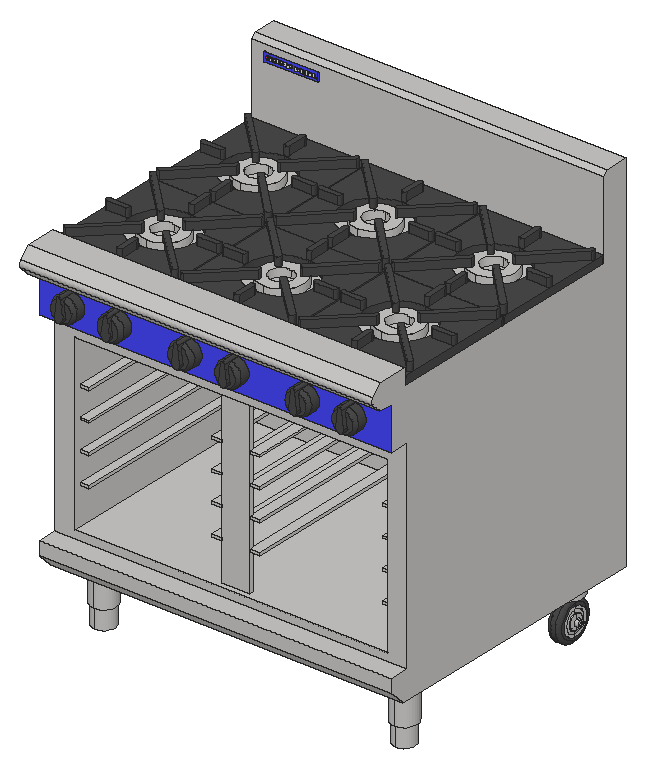
Revit family "QF_MOFFAT_BLUESEAL_CE_G516D-CB", category Specialty Equipment, Revit 2012 (continued)
Definition of nested family "GAS BURNER 900"
  Lines and regions (mm)
    symbolic lines
      curve 158: spline (593.898, -335.153, 0) -> (594.819, -333.924, 0) -> (595.369, -332.47, 0) -> (595.51, -330.89, 0) -> (595.233, -329.292, 0) -> (594.557, -327.786, 0) -> (593.527, -326.473, 0) -> (592.214, -325.443, 0) -> (590.708, -324.767, 0) -> (589.11, -324.49, 0) -> (587.53, -324.631, 0) -> (586.076, -325.181, 0) -> (584.847, -326.102, 0)
      curve 159: line (591.102, -463.6, 0) -> (541.898, -463.6, 0)
      curve 160: spline (541.898, -463.6, 0) -> (540.604, -463.818, 0) -> (539.398, -464.457, 0) -> (538.362, -465.475, 0) -> (537.568, -466.8, 0) -> (537.068, -468.344, 0) -> (536.898, -470, 0) -> (537.068, -471.656, 0) -> (537.568, -473.2, 0) -> (538.362, -474.525, 0) -> (539.398, -475.543, 0) -> (540.604, -476.182, 0) -> (541.898, -476.4, 0)
      curve 161: line (541.898, -476.4, 0) -> (591.102, -476.4, 0)
      curve 162: spline (591.102, -476.4, 0) -> (592.396, -476.182, 0) -> (593.602, -475.543, 0) -> (594.638, -474.525, 0) -> (595.432, -473.2, 0) -> (595.932, -471.656, 0) -> (596.102, -470, 0) -> (595.932, -468.344, 0) -> (595.432, -466.8, 0) -> (594.638, -465.475, 0) -> (593.602, -464.457, 0) -> (592.396, -463.818, 0) -> (591.102, -463.6, 0)
      curve 163: line (593.898, -603.347, 0) -> (485.975, -496.924, 0)
      curve 164: spline (485.975, -496.924, 0) -> (484.905, -496.163, 0) -> (483.601, -495.762, 0) -> (482.149, -495.749, 0) -> (480.65, -496.125, 0) -> (479.205, -496.863, 0) -> (477.914, -497.914, 0) -> (476.863, -499.205, 0) -> (476.125, -500.65, 0) -> (475.749, -502.149, 0) -> (475.762, -503.601, 0) -> (476.163, -504.905, 0) -> (476.924, -505.975, 0)
      curve 165: line (476.924, -505.975, 0) -> (584.847, -612.398, 0)
      curve 166: spline (584.847, -612.398, 0) -> (585.916, -613.159, 0) -> (587.221, -613.559, 0) -> (588.672, -613.572, 0) -> (590.171, -613.197, 0) -> (591.616, -612.459, 0) -> (592.908, -611.408, 0) -> (593.959, -610.116, 0) -> (594.697, -608.671, 0) -> (595.072, -607.172, 0) -> (595.059, -605.721, 0) -> (594.659, -604.416, 0) -> (593.898, -603.347, 0)
      curve 167: line (315.153, -612.398, 0) -> (423.076, -505.975, 0)
      curve 168: spline (423.076, -505.975, 0) -> (423.837, -504.905, 0) -> (424.238, -503.601, 0) -> (424.251, -502.149, 0) -> (423.875, -500.65, 0) -> (423.137, -499.205, 0) -> (422.086, -497.914, 0) -> (420.795, -496.863, 0) -> (419.35, -496.125, 0) -> (417.851, -495.749, 0) -> (416.399, -495.762, 0) -> (415.095, -496.163, 0) -> (414.025, -496.924, 0)
      curve 169: line (414.025, -496.924, 0) -> (306.102, -603.347, 0)
      curve 170: spline (306.102, -603.347, 0) -> (305.341, -604.416, 0) -> (304.941, -605.721, 0) -> (304.928, -607.172, 0) -> (305.303, -608.671, 0) -> (306.041, -610.116, 0) -> (307.092, -611.408, 0) -> (308.384, -612.459, 0) -> (309.829, -613.197, 0) -> (311.328, -613.572, 0) -> (312.779, -613.559, 0) -> (314.084, -613.159, 0) -> (315.153, -612.398, 0)
      curve 171: line (308.898, -476.4, 0) -> (358.102, -476.4, 0)
      curve 172: spline (358.102, -476.4, 0) -> (359.396, -476.182, 0) -> (360.602, -475.543, 0) -> (361.638, -474.525, 0) -> (362.432, -473.2, 0) -> (362.932, -471.656, 0) -> (363.102, -470, 0) -> (362.932, -468.344, 0) -> (362.432, -466.8, 0) -> (361.638, -465.475, 0) -> (360.602, -464.457, 0) -> (359.396, -463.818, 0) -> (358.102, -463.6, 0)
      curve 173: line (358.102, -463.6, 0) -> (308.898, -463.6, 0)
      curve 174: spline (308.898, -463.6, 0) -> (307.604, -463.818, 0) -> (306.398, -464.457, 0) -> (305.362, -465.475, 0) -> (304.568, -466.8, 0) -> (304.068, -468.344, 0) -> (303.898, -470, 0) -> (304.068, -471.656, 0) -> (304.568, -473.2, 0) -> (305.362, -474.525, 0) -> (306.398, -475.543, 0) -> (307.604, -476.182, 0) -> (308.898, -476.4, 0)
      curve 175: line (456.4, -609.602, 0) -> (456.4, -561.898, 0)
      curve 176: spline (456.4, -561.898, 0) -> (456.182, -560.604, 0) -> (455.543, -559.398, 0) -> (454.525, -558.362, 0) -> (453.2, -557.568, 0) -> (451.656, -557.068, 0) -> (450, -556.898, 0) -> (448.344, -557.068, 0) -> (446.8, -557.568, 0) -> (445.475, -558.362, 0) -> (444.457, -559.398, 0) -> (443.818, -560.604, 0) -> (443.6, -561.898, 0)
      curve 177: line (443.6, -561.898, 0) -> (443.6, -609.602, 0)
      curve 178: spline (443.6, -609.602, 0) -> (443.818, -610.896, 0) -> (444.457, -612.102, 0) -> (445.475, -613.138, 0) -> (446.8, -613.932, 0) -> (448.344, -614.432, 0) -> (450, -614.602, 0) -> (451.656, -614.432, 0) -> (453.2, -613.932, 0) -> (454.525, -613.138, 0) -> (455.543, -612.102, 0) -> (456.182, -610.896, 0) -> (456.4, -609.602, 0)
      curve 179: arc (450.009, -384.418, 0) -> (479.699, -389.834, 0) -> (505.564, -405.385, 0) r 84.082
      curve 180: arc (450.009, -552.582, 0) -> (417.885, -546.204, 0) -> (390.635, -528.036, 0) r 84.082
      curve 181: arc (450, -523.5, 0) -> (467.666, -520.693, 0) -> (483.592, -512.55, 0) r 57
      curve 182: arc (450, -409.5, 0) -> (430.014, -413.119, 0) -> (412.566, -423.515, 0) r 57
      curve 183: arc (450, -436.5, 0) -> (480, -466.5, 0) -> (450, -496.5, 0) r 30
      curve 184: arc (450, -496.5, 0) -> (420, -466.5, 0) -> (450, -436.5, 0) r 30
      curve 185: arc (96.324, -103.773, 0) -> (121.466, -89.404, 0) -> (149.991, -84.418, 0) r 84.082
      curve 186: arc (212.871, -112.68, 0) -> (234.066, -167.408, 0) -> (214.3, -222.668, 0) r 84.082
      curve 187: arc (194.454, -202.178, 0) -> (207, -166.598, 0) -> (194.576, -130.975, 0) r 57
      curve 188: arc (114.628, -211.197, 0) -> (131.275, -220.336, 0) -> (150, -223.5, 0) r 57
      curve 189: arc (405.424, -130.975, 0) -> (393, -166.598, 0) -> (405.546, -202.178, 0) r 57
      curve 190: arc (485.525, -121.924, 0) -> (468.817, -112.696, 0) -> (450, -109.5, 0) r 57
      curve 191: arc (494.454, -202.178, 0) -> (507, -166.598, 0) -> (494.576, -130.975, 0) r 57
      curve 192: arc (414.628, -211.197, 0) -> (431.275, -220.336, 0) -> (450, -223.5, 0) r 57
      curve 193: arc (105.424, -130.975, 0) -> (93, -166.598, 0) -> (105.546, -202.178, 0) r 57
      curve 194: arc (514.501, -414.55, 0) -> (534.086, -469.429, 0) -> (513.293, -523.862, 0) r 84.082
      curve 195: arc (504.155, -532.827, 0) -> (478.827, -547.489, 0) -> (450.009, -552.582, 0) r 84.082
      curve 196: arc (493.031, -503.881, 0) -> (506.947, -468.956, 0) -> (496.089, -432.962, 0) r 57
      curve 197: arc (416.408, -512.55, 0) -> (432.334, -520.693, 0) -> (450, -523.5, 0) r 57
      curve 198: arc (403.911, -432.962, 0) -> (393.053, -468.956, 0) -> (406.969, -503.881, 0) r 57
      curve 199: arc (487.434, -423.515, 0) -> (469.986, -413.119, 0) -> (450, -409.5, 0) r 57
      curve 200: arc (187.434, -423.515, 0) -> (169.986, -413.119, 0) -> (150, -409.5, 0) r 57
      curve 201: arc (103.911, -432.962, 0) -> (93.053, -468.956, 0) -> (106.969, -503.881, 0) r 57
      curve 202: arc (109.732, -506.842, 0) -> (110.614, -507.704, 0) -> (111.516, -508.547, 0) r 57
      curve 203: arc (193.031, -503.881, 0) -> (206.947, -468.956, 0) -> (196.089, -432.962, 0) r 57
      curve 204: arc (214.491, -414.56, 0) -> (234.068, -469.429, 0) -> (213.283, -523.853, 0) r 84.082
      curve 205: arc (94.436, -405.385, 0) -> (120.301, -389.834, 0) -> (149.991, -384.418, 0) r 84.082
      curve 206: arc (86.707, -523.862, 0) -> (65.914, -469.429, 0) -> (85.499, -414.55, 0) r 84.082
      curve 207: arc (116.408, -512.55, 0) -> (132.334, -520.693, 0) -> (150, -523.5, 0) r 57
      curve 208: arc (204.147, -532.819, 0) -> (178.816, -547.487, 0) -> (149.991, -552.582, 0) r 84.082
      curve 209: arc (394.444, -405.393, 0) -> (420.313, -389.836, 0) -> (450.009, -384.418, 0) r 84.082
      curve 210: arc (390.635, -528.036, 0) -> (366.012, -472.294, 0) -> (385.509, -414.56, 0) r 84.082
      curve 211: arc (185.525, -121.924, 0) -> (168.817, -112.696, 0) -> (150, -109.5, 0) r 57
      curve 212: arc (396.332, -103.781, 0) -> (421.477, -89.406, 0) -> (450.009, -84.418, 0) r 84.082
      curve 213: arc (512.881, -112.67, 0) -> (534.084, -167.408, 0) -> (514.31, -222.678, 0) r 84.082
      curve 214: arc (505.339, -231.812, 0) -> (479.559, -247.219, 0) -> (450.009, -252.582, 0) r 84.082
      curve 215: arc (385.7, -222.668, 0) -> (365.934, -167.408, 0) -> (387.129, -112.68, 0) r 84.082
      curve 216: arc (205.331, -231.803, 0) -> (179.547, -247.216, 0) -> (149.991, -252.582, 0) r 84.082
      curve 217: arc (85.69, -222.678, 0) -> (65.916, -167.408, 0) -> (87.119, -112.67, 0) r 84.082
      curve 218: spline (724.076, -130.525, 0) -> (724.837, -131.595, 0) -> (725.238, -132.899, 0) -> (725.251, -134.351, 0) -> (724.875, -135.85, 0) -> (724.137, -137.295, 0) -> (723.086, -138.586, 0) -> (721.795, -139.637, 0) -> (720.35, -140.375, 0) -> (718.851, -140.751, 0) -> (717.399, -140.738, 0) -> (716.095, -140.337, 0) -> (715.025, -139.576, 0)
      curve 219: spline (659.102, -160.1, 0) -> (660.396, -160.318, 0) -> (661.602, -160.957, 0) -> (662.638, -161.975, 0) -> (663.432, -163.3, 0) -> (663.932, -164.844, 0) -> (664.102, -166.5, 0) -> (663.932, -168.156, 0) -> (663.432, -169.7, 0) -> (662.638, -171.025, 0) -> (661.602, -172.043, 0) -> (660.396, -172.682, 0) -> (659.102, -172.9, 0)
      curve 220: arc (751, -223.5, 0) -> (732.275, -220.336, 0) -> (715.628, -211.197, 0) r 57
      curve 221: arc (751, -109.5, 0) -> (769.817, -112.696, 0) -> (786.525, -121.924, 0) r 57
      curve 222: arc (751.009, -84.418, 0) -> (722.477, -89.406, 0) -> (697.332, -103.781, 0) r 84.082
      curve 223: arc (751.009, -252.582, 0) -> (780.559, -247.219, 0) -> (806.339, -231.812, 0) r 84.082
      curve 224: line (744.6, -74.602, 0) -> (744.6, -25.398, 0)
      curve 225: spline (744.6, -25.398, 0) -> (744.818, -24.104, 0) -> (745.457, -22.898, 0) -> (746.475, -21.862, 0) -> (747.8, -21.068, 0) -> (749.344, -20.568, 0) -> (751, -20.398, 0) -> (752.656, -20.568, 0) -> (754.2, -21.068, 0) -> (755.525, -21.862, 0) -> (756.543, -22.898, 0) -> (757.182, -24.104, 0) -> (757.4, -25.398, 0)
      curve 226: line (757.4, -25.398, 0) -> (757.4, -74.602, 0)
      curve 227: spline (757.4, -74.602, 0) -> (757.182, -75.896, 0) -> (756.543, -77.102, 0) -> (755.525, -78.138, 0) -> (754.2, -78.932, 0) -> (752.656, -79.432, 0) -> (751, -79.602, 0) -> (749.344, -79.432, 0) -> (747.8, -78.932, 0) -> (746.475, -78.138, 0) -> (745.457, -77.102, 0) -> (744.818, -75.896, 0) -> (744.6, -74.602, 0)
      curve 228: arc (897, 0, 0) -> (899.121, -0.879, 0) -> (900, -3, 0) r 3
      curve 229: line (900, -3, 0) -> (900, -315.5, 0)
      curve 230: arc (900, -315.5, 0) -> (899.121, -317.621, 0) -> (897, -318.5, 0) r 3
      curve 231: arc (897, -321.5, 0) -> (899.121, -322.379, 0) -> (900, -324.5, 0) r 3
      curve 232: line (900, -324.5, 0) -> (900, -632, 0)
      curve 233: arc (900, -632, 0) -> (899.121, -634.121, 0) -> (897, -635, 0) r 3
      curve 234: spline (715.025, -193.424, 0) -> (716.095, -192.663, 0) -> (717.399, -192.262, 0) -> (718.851, -192.249, 0) -> (720.35, -192.625, 0) -> (721.795, -193.363, 0) -> (723.086, -194.414, 0) -> (724.137, -195.705, 0) -> (724.875, -197.15, 0) -> (725.251, -198.649, 0) -> (725.238, -200.101, 0) -> (724.837, -201.405, 0) -> (724.076, -202.475, 0)
      curve 235: line (885.847, -313.898, 0) -> (777.924, -202.475, 0)
      curve 236: spline (777.924, -202.475, 0) -> (777.163, -201.405, 0) -> (776.762, -200.101, 0) -> (776.749, -198.649, 0) -> (777.125, -197.15, 0) -> (777.863, -195.705, 0) -> (778.914, -194.414, 0) -> (780.205, -193.363, 0) -> (781.65, -192.625, 0) -> (783.149, -192.249, 0) -> (784.601, -192.262, 0) -> (785.905, -192.663, 0) -> (786.975, -193.424, 0)
      curve 237: line (786.975, -193.424, 0) -> (894.898, -304.847, 0)
      curve 238: spline (894.898, -304.847, 0) -> (895.659, -305.916, 0) -> (896.059, -307.221, 0) -> (896.072, -308.672, 0) -> (895.697, -310.171, 0) -> (894.959, -311.616, 0) -> (893.908, -312.908, 0) -> (892.616, -313.959, 0) -> (891.171, -314.697, 0) -> (889.672, -315.072, 0) -> (888.221, -315.059, 0) -> (886.916, -314.659, 0) -> (885.847, -313.898, 0)
      curve 239: line (892.102, -172.9, 0) -> (842.898, -172.9, 0)
      curve 240: spline (842.898, -172.9, 0) -> (841.604, -172.682, 0) -> (840.398, -172.043, 0) -> (839.362, -171.025, 0) -> (838.568, -169.7, 0) -> (838.068, -168.156, 0) -> (837.898, -166.5, 0) -> (838.068, -164.844, 0) -> (838.568, -163.3, 0) -> (839.362, -161.975, 0) -> (840.398, -160.957, 0) -> (841.604, -160.318, 0) -> (842.898, -160.1, 0)
      curve 241: line (842.898, -160.1, 0) -> (892.102, -160.1, 0)
      curve 242: spline (892.102, -160.1, 0) -> (893.396, -160.318, 0) -> (894.602, -160.957, 0) -> (895.638, -161.975, 0) -> (896.432, -163.3, 0) -> (896.932, -164.844, 0) -> (897.102, -166.5, 0) -> (896.932, -168.156, 0) -> (896.432, -169.7, 0) -> (895.638, -171.025, 0) -> (894.602, -172.043, 0) -> (893.396, -172.682, 0) -> (892.102, -172.9, 0)
      curve 243: line (894.898, -31.653, 0) -> (786.975, -139.576, 0)
      curve 244: spline (786.975, -139.576, 0) -> (785.905, -140.337, 0) -> (784.601, -140.738, 0) -> (783.149, -140.751, 0) -> (781.65, -140.375, 0) -> (780.205, -139.637, 0) -> (778.914, -138.586, 0) -> (777.863, -137.295, 0) -> (777.125, -135.85, 0) -> (776.749, -134.351, 0) -> (776.762, -132.899, 0) -> (777.163, -131.595, 0) -> (777.924, -130.525, 0)
      curve 245: line (777.924, -130.525, 0) -> (885.847, -22.602, 0)
      curve 246: spline (885.847, -22.602, 0) -> (887.076, -21.681, 0) -> (888.53, -21.131, 0) -> (890.11, -20.99, 0) -> (891.708, -21.267, 0) -> (893.214, -21.943, 0) -> (894.527, -22.973, 0) -> (895.557, -24.286, 0) -> (896.233, -25.792, 0) -> (896.51, -27.39, 0) -> (896.369, -28.97, 0) -> (895.819, -30.424, 0) -> (894.898, -31.653, 0)
      curve 247: arc (751, -136.5, 0) -> (721, -166.5, 0) -> (751, -196.5, 0) r 30
      curve 248: arc (751, -196.5, 0) -> (781, -166.5, 0) -> (751, -136.5, 0) r 30
      curve 249: line (744.6, -311.102, 0) -> (744.6, -261.898, 0)
      curve 250: spline (744.6, -261.898, 0) -> (744.818, -260.604, 0) -> (745.457, -259.398, 0) -> (746.475, -258.362, 0) -> (747.8, -257.568, 0) -> (749.344, -257.068, 0) -> (751, -256.898, 0) -> (752.656, -257.068, 0) -> (754.2, -257.568, 0) -> (755.525, -258.362, 0) -> (756.543, -259.398, 0) -> (757.182, -260.604, 0) -> (757.4, -261.898, 0)
      curve 251: line (757.4, -261.898, 0) -> (757.4, -311.102, 0)
      curve 252: spline (757.4, -311.102, 0) -> (757.182, -312.396, 0) -> (756.543, -313.602, 0) -> (755.525, -314.638, 0) -> (754.2, -315.432, 0) -> (752.656, -315.932, 0) -> (751, -316.102, 0) -> (749.344, -315.932, 0) -> (747.8, -315.432, 0) -> (746.475, -314.638, 0) -> (745.457, -313.602, 0) -> (744.818, -312.396, 0) -> (744.6, -311.102, 0)
      curve 253: line (744.6, -378.102, 0) -> (744.6, -328.898, 0)
      curve 254: spline (744.6, -328.898, 0) -> (744.818, -327.604, 0) -> (745.457, -326.398, 0) -> (746.475, -325.362, 0) -> (747.8, -324.568, 0) -> (749.344, -324.068, 0) -> (751, -323.898, 0) -> (752.656, -324.068, 0) -> (754.2, -324.568, 0) -> (755.525, -325.362, 0) -> (756.543, -326.398, 0) -> (757.182, -327.604, 0) -> (757.4, -328.898, 0)
      curve 255: line (757.4, -328.898, 0) -> (757.4, -378.102, 0)
      curve 256: spline (757.4, -378.102, 0) -> (757.182, -379.396, 0) -> (756.543, -380.602, 0) -> (755.525, -381.638, 0) -> (754.2, -382.432, 0) -> (752.656, -382.932, 0) -> (751, -383.102, 0) -> (749.344, -382.932, 0) -> (747.8, -382.432, 0) -> (746.475, -381.638, 0) -> (745.457, -380.602, 0) -> (744.818, -379.396, 0) -> (744.6, -378.102, 0)
      curve 257: spline (724.076, -434.025, 0) -> (724.837, -435.095, 0) -> (725.238, -436.399, 0) -> (725.251, -437.851, 0) -> (724.875, -439.35, 0) -> (724.137, -440.795, 0) -> (723.086, -442.086, 0) -> (721.795, -443.137, 0) -> (720.35, -443.875, 0) -> (718.851, -444.251, 0) -> (717.399, -444.238, 0) -> (716.095, -443.837, 0) -> (715.025, -443.076, 0)
      curve 258: line (777.924, -434.025, 0) -> (885.847, -326.102, 0)
      curve 259: spline (885.847, -326.102, 0) -> (887.076, -325.181, 0) -> (888.53, -324.631, 0) -> (890.11, -324.49, 0) -> (891.708, -324.767, 0) -> (893.214, -325.443, 0) -> (894.527, -326.473, 0) -> (895.557, -327.786, 0) -> (896.233, -329.292, 0) -> (896.51, -330.89, 0) -> (896.369, -332.47, 0) -> (895.819, -333.924, 0) -> (894.898, -335.153, 0)
      curve 260: line (894.898, -335.153, 0) -> (786.975, -443.076, 0)
      curve 261: spline (786.975, -443.076, 0) -> (785.905, -443.837, 0) -> (784.601, -444.238, 0) -> (783.149, -444.251, 0) -> (781.65, -443.875, 0) -> (780.205, -443.137, 0) -> (778.914, -442.086, 0) -> (777.863, -440.795, 0) -> (777.125, -439.35, 0) -> (776.749, -437.851, 0) -> (776.762, -436.399, 0) -> (777.163, -435.095, 0) -> (777.924, -434.025, 0)
      curve 262: line (842.898, -463.6, 0) -> (892.102, -463.6, 0)
      curve 263: spline (892.102, -463.6, 0) -> (893.396, -463.818, 0) -> (894.602, -464.457, 0) -> (895.638, -465.475, 0) -> (896.432, -466.8, 0) -> (896.932, -468.344, 0) -> (897.102, -470, 0) -> (896.932, -471.656, 0) -> (896.432, -473.2, 0) -> (895.638, -474.525, 0) -> (894.602, -475.543, 0) -> (893.396, -476.182, 0) -> (892.102, -476.4, 0)
      curve 264: line (892.102, -476.4, 0) -> (842.898, -476.4, 0)
      curve 265: spline (842.898, -476.4, 0) -> (841.604, -476.182, 0) -> (840.398, -475.543, 0) -> (839.362, -474.525, 0) -> (838.568, -473.2, 0) -> (838.068, -471.656, 0) -> (837.898, -470, 0) -> (838.068, -468.344, 0) -> (838.568, -466.8, 0) -> (839.362, -465.475, 0) -> (840.398, -464.457, 0) -> (841.604, -463.818, 0) -> (842.898, -463.6, 0)
      curve 266: line (786.975, -496.924, 0) -> (894.898, -603.347, 0)
      curve 267: spline (894.898, -603.347, 0) -> (895.659, -604.416, 0) -> (896.059, -605.721, 0) -> (896.072, -607.172, 0) -> (895.697, -608.671, 0) -> (894.959, -610.116, 0) -> (893.908, -611.408, 0) -> (892.616, -612.459, 0) -> (891.171, -613.197, 0) -> (889.672, -613.572, 0) -> (888.221, -613.559, 0) -> (886.916, -613.159, 0) -> (885.847, -612.398, 0)
      curve 268: line (885.847, -612.398, 0) -> (777.924, -505.975, 0)
      curve 269: spline (777.924, -505.975, 0) -> (777.163, -504.905, 0) -> (776.762, -503.601, 0) -> (776.749, -502.149, 0) -> (777.125, -500.65, 0) -> (777.863, -499.205, 0) -> (778.914, -497.914, 0) -> (780.205, -496.863, 0) -> (781.65, -496.125, 0) -> (783.149, -495.749, 0) -> (784.601, -495.762, 0) -> (785.905, -496.163, 0) -> (786.975, -496.924, 0)
      curve 270: line (744.6, -609.602, 0) -> (744.6, -561.898, 0)
      curve 271: spline (744.6, -561.898, 0) -> (744.818, -560.604, 0) -> (745.457, -559.398, 0) -> (746.475, -558.362, 0) -> (747.8, -557.568, 0) -> (749.344, -557.068, 0) -> (751, -556.898, 0) -> (752.656, -557.068, 0) -> (754.2, -557.568, 0) -> (755.525, -558.362, 0) -> (756.543, -559.398, 0) -> (757.182, -560.604, 0) -> (757.4, -561.898, 0)
      curve 272: line (757.4, -561.898, 0) -> (757.4, -609.602, 0)
      curve 273: spline (757.4, -609.602, 0) -> (757.182, -610.896, 0) -> (756.543, -612.102, 0) -> (755.525, -613.138, 0) -> (754.2, -613.932, 0) -> (752.656, -614.432, 0) -> (751, -614.602, 0) -> (749.344, -614.432, 0) -> (747.8, -613.932, 0) -> (746.475, -613.138, 0) -> (745.457, -612.102, 0) -> (744.818, -610.896, 0) -> (744.6, -609.602, 0)
      curve 274: spline (715.025, -496.924, 0) -> (716.095, -496.163, 0) -> (717.399, -495.762, 0) -> (718.851, -495.749, 0) -> (720.35, -496.125, 0) -> (721.795, -496.863, 0) -> (723.086, -497.914, 0) -> (724.137, -499.205, 0) -> (724.875, -500.65, 0) -> (725.251, -502.149, 0) -> (725.238, -503.601, 0) -> (724.837, -504.905, 0) -> (724.076, -505.975, 0)
      curve 275: arc (751.009, -384.418, 0) -> (721.313, -389.836, 0) -> (695.444, -405.393, 0) r 84.082
      curve 276: arc (751.009, -552.582, 0) -> (779.827, -547.489, 0) -> (805.155, -532.827, 0) r 84.082
      curve 277: arc (751, -523.5, 0) -> (733.334, -520.693, 0) -> (717.408, -512.55, 0) r 57
      curve 278: arc (751, -409.5, 0) -> (770.986, -413.119, 0) -> (788.434, -423.515, 0) r 57
      curve 279: arc (751, -436.5, 0) -> (721, -466.5, 0) -> (751, -496.5, 0) r 30
      curve 280: arc (751, -496.5, 0) -> (781, -466.5, 0) -> (751, -436.5, 0) r 30
      curve 281: spline (659.102, -463.6, 0) -> (660.396, -463.818, 0) -> (661.602, -464.457, 0) -> (662.638, -465.475, 0) -> (663.432, -466.8, 0) -> (663.932, -468.344, 0) -> (664.102, -470, 0) -> (663.932, -471.656, 0) -> (663.432, -473.2, 0) -> (662.638, -474.525, 0) -> (661.602, -475.543, 0) -> (660.396, -476.182, 0) -> (659.102, -476.4, 0)
      curve 282: arc (804.676, -103.773, 0) -> (779.534, -89.404, 0) -> (751.009, -84.418, 0) r 84.082
      curve 283: arc (688.129, -112.68, 0) -> (666.934, -167.408, 0) -> (686.7, -222.668, 0) r 84.082
      curve 284: arc (706.546, -202.178, 0) -> (694, -166.598, 0) -> (706.424, -130.975, 0) r 57
      curve 285: arc (786.372, -211.197, 0) -> (769.725, -220.336, 0) -> (751, -223.5, 0) r 57
      curve 286: arc (795.576, -130.975, 0) -> (808, -166.598, 0) -> (795.454, -202.178, 0) r 57
      curve 287: arc (713.566, -423.515, 0) -> (731.014, -413.119, 0) -> (751, -409.5, 0) r 57
      curve 288: arc (797.089, -432.962, 0) -> (807.947, -468.956, 0) -> (794.031, -503.881, 0) r 57
      curve 289: arc (791.268, -506.842, 0) -> (790.386, -507.704, 0) -> (789.484, -508.547, 0) r 57
      curve 290: arc (707.969, -503.881, 0) -> (694.053, -468.956, 0) -> (704.911, -432.962, 0) r 57
      curve 291: arc (686.509, -414.56, 0) -> (666.932, -469.429, 0) -> (687.717, -523.853, 0) r 84.082
      curve 292: arc (806.564, -405.385, 0) -> (780.699, -389.834, 0) -> (751.009, -384.418, 0) r 84.082
      curve 293: arc (814.293, -523.862, 0) -> (835.086, -469.429, 0) -> (815.501, -414.55, 0) r 84.082
      curve 294: arc (784.592, -512.55, 0) -> (768.666, -520.693, 0) -> (751, -523.5, 0) r 57
      curve 295: arc (696.853, -532.819, 0) -> (722.184, -547.487, 0) -> (751.009, -552.582, 0) r 84.082
      curve 296: arc (715.475, -121.924, 0) -> (732.183, -112.696, 0) -> (751, -109.5, 0) r 57
      curve 297: arc (695.669, -231.803, 0) -> (721.453, -247.216, 0) -> (751.009, -252.582, 0) r 84.082
      curve 298: arc (815.31, -222.678, 0) -> (835.084, -167.408, 0) -> (813.881, -112.67, 0) r 84.082
      curve 299: line (616.153, -612.398, 0) -> (724.076, -505.975, 0)
      curve 300: line (715.025, -496.924, 0) -> (607.102, -603.347, 0)
      curve 301: spline (607.102, -603.347, 0) -> (606.341, -604.416, 0) -> (605.941, -605.721, 0) -> (605.928, -607.172, 0) -> (606.303, -608.671, 0) -> (607.041, -610.116, 0) -> (608.092, -611.408, 0) -> (609.384, -612.459, 0) -> (610.829, -613.197, 0) -> (612.328, -613.572, 0) -> (613.779, -613.559, 0) -> (615.084, -613.159, 0) -> (616.153, -612.398, 0)
      curve 302: line (602, -324.5, 0) -> (602, -632, 0)
      curve 303: arc (602, -632, 0) -> (602.879, -634.121, 0) -> (605, -635, 0) r 3
      curve 304: line (605, -635, 0) -> (897, -635, 0)
      curve 305: arc (897, -635, 0) -> (899.121, -634.121, 0) -> (900, -632, 0) r 3
      curve 306: line (900, -632, 0) -> (900, -324.5, 0)
      curve 307: arc (900, -324.5, 0) -> (899.121, -322.379, 0) -> (897, -321.5, 0) r 3
      curve 308: line (897, -321.5, 0) -> (605, -321.5, 0)
      curve 309: arc (605, -321.5, 0) -> (602.879, -322.379, 0) -> (602, -324.5, 0) r 3
      curve 310: line (609.898, -476.4, 0) -> (659.102, -476.4, 0)
      curve 311: line (659.102, -463.6, 0) -> (609.898, -463.6, 0)
      curve 312: spline (609.898, -463.6, 0) -> (608.604, -463.818, 0) -> (607.398, -464.457, 0) -> (606.362, -465.475, 0) -> (605.568, -466.8, 0) -> (605.068, -468.344, 0) -> (604.898, -470, 0) -> (605.068, -471.656, 0) -> (605.568, -473.2, 0) -> (606.362, -474.525, 0) -> (607.398, -475.543, 0) -> (608.604, -476.182, 0) -> (609.898, -476.4, 0)
      curve 313: line (607.102, -335.153, 0) -> (715.025, -443.076, 0)
      curve 314: line (724.076, -434.025, 0) -> (616.153, -326.102, 0)
      curve 315: spline (616.153, -326.102, 0) -> (615.084, -325.341, 0) -> (613.779, -324.941, 0) -> (612.328, -324.928, 0) -> (610.829, -325.303, 0) -> (609.384, -326.041, 0) -> (608.092, -327.092, 0) -> (607.041, -328.384, 0) -> (606.303, -329.829, 0) -> (605.928, -331.328, 0) -> (605.941, -332.779, 0) -> (606.341, -334.084, 0) -> (607.102, -335.153, 0)
      curve 316: line (616.153, -313.898, 0) -> (724.076, -202.475, 0)
      curve 317: spline (607.102, -304.847, 0) -> (606.341, -305.916, 0) -> (605.941, -307.221, 0) -> (605.928, -308.672, 0) -> (606.303, -310.171, 0) -> (607.041, -311.616, 0) -> (608.092, -312.908, 0) -> (609.384, -313.959, 0) -> (610.829, -314.697, 0) -> (612.328, -315.072, 0) -> (613.779, -315.059, 0) -> (615.084, -314.659, 0) -> (616.153, -313.898, 0)
      curve 318: line (715.025, -193.424, 0) -> (607.102, -304.847, 0)
      curve 319: line (605, -318.5, 0) -> (897, -318.5, 0)
      curve 320: arc (602, -315.5, 0) -> (602.879, -317.621, 0) -> (605, -318.5, 0) r 3
      curve 321: line (602, -3, 0) -> (602, -315.5, 0)
      curve 322: arc (605, 0, 0) -> (602.879, -0.879, 0) -> (602, -3, 0) r 3
      curve 323: line (609.898, -172.9, 0) -> (659.102, -172.9, 0)
      curve 324: line (659.102, -160.1, 0) -> (609.898, -160.1, 0)
      curve 325: spline (609.898, -160.1, 0) -> (608.604, -160.318, 0) -> (607.398, -160.957, 0) -> (606.362, -161.975, 0) -> (605.568, -163.3, 0) -> (605.068, -164.844, 0) -> (604.898, -166.5, 0) -> (605.068, -168.156, 0) -> (605.568, -169.7, 0) -> (606.362, -171.025, 0) -> (607.398, -172.043, 0) -> (608.604, -172.682, 0) -> (609.898, -172.9, 0)
      curve 326: line (607.102, -31.653, 0) -> (715.025, -139.576, 0)
      curve 327: line (724.076, -130.525, 0) -> (616.153, -22.602, 0)
      curve 328: spline (616.153, -22.602, 0) -> (615.084, -21.841, 0) -> (613.779, -21.441, 0) -> (612.328, -21.428, 0) -> (610.829, -21.803, 0) -> (609.384, -22.541, 0) -> (608.092, -23.592, 0) -> (607.041, -24.884, 0) -> (606.303, -26.329, 0) -> (605.928, -27.828, 0) -> (605.941, -29.279, 0) -> (606.341, -30.584, 0) -> (607.102, -31.653, 0)
      curve 329: line (897, 0, 0) -> (605, 0, 0)
  Dimensions and locks
    equal spacing: plane 3 "LEFT", plane 7 "Center Y", plane 4 "RIGHT"
    "Width": plane 3 "LEFT" to plane 4 "RIGHT"
    equal spacing: plane 5 "FRONT", plane 8 "Center X", plane 1 "BACK"
    "Depth": plane 5 "FRONT" to plane 1 "BACK"
    aligned and locked: level to plane 2
  Automatic sketch dimensions
    curve 29 to curve 30 = 0 mm
    curve 29 to curve 33 = 0 mm
    curve 29 to curve 189 = 0 mm
    curve 29 to curve 190 = 0 mm  (x2)
    curve 29 to curve 191 = 0 mm  (x2)
    curve 29 to curve 192 = 0 mm
    curve 30 to curve 33 = 0 mm
    curve 30 to curve 189 = 0 mm
    curve 31 to curve 32 = 0 mm  (x2)
    curve 31 to curve 212 = 0 mm
    curve 31 to curve 213 = 0 mm  (x2)
    curve 31 to curve 214 = 0 mm
    curve 31 to curve 215 = 0 mm  (x2)
    curve 35 to curve 36 = 0 mm
    curve 35 to curve 103 = 0 mm  (x2)
    curve 35 to curve 187 = 0 mm  (x2)
    curve 35 to curve 188 = 0 mm
    curve 35 to curve 193 = 0 mm
    curve 35 to curve 211 = 0 mm  (x2)
    curve 36 to curve 193 = 0 mm
    curve 37 to curve 38 = 0 mm  (x2)
    curve 37 to curve 185 = 0 mm
    curve 37 to curve 186 = 0 mm  (x2)
    curve 37 to curve 216 = 0 mm
    curve 37 to curve 217 = 0 mm  (x2)
    curve 137 to curve 138 = 0 mm  (x2)
    curve 137 to curve 204 = 0 mm  (x2)
    curve 137 to curve 205 = 0 mm
    curve 137 to curve 206 = 0 mm  (x2)
    curve 137 to curve 208 = 0 mm
    curve 139 to curve 140 = 0 mm
    curve 139 to curve 141 = 0 mm  (x2)
    curve 139 to curve 200 = 0 mm  (x2)
    curve 139 to curve 201 = 0 mm
    curve 139 to curve 202 = 0 mm
    curve 139 to curve 203 = 0 mm  (x2)
    curve 139 to curve 207 = 0 mm
    curve 140 to curve 201 = 0 mm
    curve 140 to curve 202 = 0 mm
    curve 179 to curve 180 = 0 mm  (x2)
    curve 179 to curve 194 = 0 mm  (x2)
    curve 179 to curve 195 = 0 mm
    curve 179 to curve 209 = 0 mm
    curve 179 to curve 210 = 0 mm  (x2)
    curve 181 to curve 182 = 0 mm  (x2)
    curve 181 to curve 183 = 0 mm  (x2)
    curve 181 to curve 196 = 0 mm  (x2)
    curve 181 to curve 197 = 0 mm
    curve 181 to curve 198 = 0 mm  (x2)
    curve 181 to curve 199 = 0 mm
    curve 220 to curve 221 = 0 mm
    curve 220 to curve 247 = 0 mm  (x2)
    curve 220 to curve 284 = 0 mm
    curve 222 to curve 223 = 0 mm  (x2)
    curve 222 to curve 282 = 0 mm
    curve 222 to curve 283 = 0 mm  (x2)
    curve 275 to curve 276 = 0 mm
    curve 275 to curve 291 = 0 mm
    curve 277 to curve 278 = 0 mm
    curve 277 to curve 279 = 0 mm
    curve 277 to curve 287 = 0 mm
    curve 278 to curve 280 = 0 mm
    curve 283 to curve 298 = 0 mm
    curve 284 to curve 296 = 0 mm  (x2)
    curve 285 to curve 296 = 0 mm  (x2)
    curve 286 to curve 296 = 0 mm  (x2)
    curve 287 to curve 294 = 0 mm  (x2)
    curve 288 to curve 294 = 0 mm  (x2)
    curve 289 to curve 294 = 0 mm  (x2)
    curve 290 to curve 294 = 0 mm  (x2)
    curve 291 to curve 295 = 0 mm  (x2)
    curve 292 to curve 295 = 0 mm  (x2)
    curve 293 to curve 295 = 0 mm  (x2)
    curve 297 to curve 298 = 0 mm  (x2)
    plane 5 "FRONT" to curve 75 = 0 mm
    plane 1 "BACK" to curve 64 = 0 mm
    plane 1 "BACK" to curve 55 = 0 mm
    plane 5 "FRONT" to curve 82 = 0 mm
    curve 33 to plane 7 "Center Y" = 0 mm
    curve 154 to plane 7 "Center Y" = 0 mm
    curve 54 to plane 7 "Center Y" = 0 mm
    curve 196 to plane 7 "Center Y" = 0 mm
    curve 178 to plane 7 "Center Y" = 0 mm
    curve 16 to plane 7 "Center Y" = 0 mm
    plane 5 "FRONT" to curve 233 = 0 mm
    curve 13 to curve 16 = 6.4 mm
    curve 154 to curve 154 = 6.4 mm
    curve 52 to curve 52 = 6.4 mm
    curve 177 to curve 178 = 6.4 mm
    curve 150 to plane 7 "Center Y" = 26.924 mm
    curve 10 to plane 7 "Center Y" = 26.924 mm
    curve 168 to plane 7 "Center Y" = 26.924 mm
    curve 50 to plane 7 "Center Y" = 26.924 mm
    curve 10 to curve 10 = 4.525 mm
    curve 50 to curve 50 = 4.525 mm
    curve 168 to curve 167 = 4.525 mm
    curve 150 to curve 147 = 4.525 mm
    curve 197 to curve 167 = 6.668 mm
    curve 192 to curve 49 = 8.448 mm
    curve 30 to curve 10 = 8.601 mm
    curve 169 to curve 168 = 4.525 mm
    curve 182 to curve 150 = 10.51 mm
    curve 198 to curve 168 = 7.056 mm
    curve 189 to curve 50 = 8.479 mm
    curve 189 to curve 9 = 8.601 mm
    curve 198 to curve 182 = 8.655 mm
    curve 212 to curve 30 = 18.144 mm
    curve 32 to curve 192 = 19.959 mm
    curve 209 to curve 182 = 18.122 mm
    curve 210 to curve 198 = 16.335 mm
    curve 215 to curve 212 = 9.203 mm
    curve 215 to curve 32 = 8.969 mm
    curve 210 to curve 209 = 8.936 mm
    curve 45 to curve 189 = 47.444 mm
    curve 172 to curve 198 = 45.809 mm
    curve 167 to plane 5 "FRONT" = 22.602 mm
    curve 167 to curve 180 = 75.481 mm
    curve 147 to plane 8 "Center X" = 8.602 mm
    curve 147 to curve 209 = 79.291 mm
    plane 1 "BACK" to curve 12 = 22.602 mm
    plane 8 "Center X" to curve 49 = 3.602 mm
    curve 49 to curve 147 = 0 mm
    curve 148 to curve 147 = 4.525 mm
    curve 12 to curve 12 = 4.525 mm
    curve 48 to curve 48 = 4.525 mm
    curve 170 to curve 167 = 4.525 mm
    curve 44 to curve 46 = 49.204 mm
    curve 174 to curve 172 = 49.204 mm
    curve 80 to curve 148 = 6.628 mm
    curve 83 to curve 170 = 11.153 mm
    curve 56 to curve 12 = 11.153 mm
    plane 8 "Center X" to curve 58 = 2 mm
    curve 58 to curve 79 = 0 mm
    curve 57 to curve 56 = 3 mm
    curve 80 to curve 80 = 3 mm
    curve 76 to curve 81 = 2 mm
    curve 68 to curve 58 = 2 mm
    curve 68 to plane 8 "Center X" = 1 mm
    curve 68 to curve 69 = 3 mm
    curve 78 to curve 77 = 3 mm
    curve 63 to curve 69 = 3 mm
    curve 75 to curve 76 = 3 mm
    curve 90 to curve 68 = 2.102 mm
    curve 4 to curve 12 = 12.205 mm
    curve 115 to plane 8 "Center X" = 17.653 mm
    curve 115 to curve 78 = 2.102 mm
    curve 134 to curve 170 = 12.205 mm
    curve 8 to curve 45 = 17.796 mm
    curve 145 to curve 171 = 17.796 mm
    curve 4 to curve 4 = 4.525 mm
    curve 134 to curve 134 = 4.525 mm
    curve 90 to curve 90 = 4.525 mm
    curve 116 to curve 116 = 4.525 mm
    curve 6 to curve 5 = 49.204 mm
    curve 144 to curve 143 = 49.204 mm
    curve 204 to curve 144 = 27.407 mm
    curve 186 to curve 7 = 27.598 mm
    curve 204 to curve 145 = 28.615 mm
    curve 186 to curve 6 = 29.027 mm
    curve 137 to curve 204 = 8.936 mm
    curve 216 to curve 186 = 8.969 mm
    curve 208 to curve 204 = 9.136 mm
    curve 37 to curve 186 = 9.203 mm
    curve 203 to curve 204 = 18.402 mm
    curve 187 to curve 186 = 18.296 mm
    curve 187 to curve 186 = 19.847 mm
    curve 203 to curve 204 = 20.253 mm
    curve 200 to curve 203 = 8.655 mm
    curve 136 to curve 203 = 7.056 mm
    curve 87 to curve 187 = 8.479 mm
    curve 2 to curve 187 = 8.601 mm
    curve 114 to curve 203 = 10.114 mm
    curve 211 to curve 187 = 9.051 mm
    curve 35 to curve 187 = 9.081 mm
    curve 139 to curve 203 = 9.439 mm
    curve 114 to curve 115 = 4.525 mm
    curve 2 to curve 2 = 4.525 mm
    curve 136 to curve 136 = 4.525 mm
    curve 88 to curve 88 = 4.525 mm
    curve 106 to curve 216 = 48.931 mm
    curve 112 to curve 200 = 31.034 mm
    curve 42 to curve 37 = 47.268 mm
    curve 129 to plane 5 "FRONT" = 25.398 mm
    curve 129 to curve 208 = 47.747 mm
    curve 103 to curve 1 = 26.924 mm
    curve 110 to curve 109 = 6.4 mm
    curve 108 to curve 105 = 6.4 mm
    curve 142 to curve 114 = 26.924 mm
    curve 132 to curve 132 = 6.4 mm
    curve 42 to curve 42 = 6.4 mm
    curve 38 to curve 106 = 0.009 mm
    curve 204 to curve 139 = 0.009 mm
    curve 127 to curve 142 = 26.924 mm
    curve 117 to curve 142 = 26.924 mm
    curve 91 to curve 104 = 26.924 mm
    curve 100 to curve 104 = 26.924 mm
    curve 100 to curve 100 = 4.525 mm
    curve 92 to curve 92 = 4.525 mm
    curve 120 to curve 120 = 4.525 mm
    curve 128 to curve 128 = 4.525 mm
    curve 207 to curve 127 = 6.668 mm
    curve 188 to curve 91 = 8.448 mm
    curve 36 to curve 100 = 8.601 mm
    curve 140 to curve 117 = 10.51 mm
    curve 202 to curve 207 = 4.893 mm
    curve 202 to curve 202 = 1.784 mm
    curve 201 to curve 202 = 2.762 mm
    curve 193 to curve 93 = 8.479 mm
    curve 193 to curve 100 = 8.601 mm
    curve 201 to curve 140 = 8.655 mm
    curve 185 to curve 36 = 18.152 mm
    curve 138 to curve 207 = 20.563 mm
    curve 38 to curve 188 = 19.967 mm
    curve 205 to curve 140 = 18.13 mm
    curve 217 to curve 185 = 9.204 mm
    curve 206 to curve 138 = 9.138 mm
    curve 217 to curve 38 = 8.97 mm
    curve 206 to curve 205 = 8.937 mm
    curve 97 to curve 193 = 47.322 mm
    curve 121 to curve 201 = 45.809 mm
    plane 3 "LEFT" to curve 126 = 15.153 mm
    plane 3 "LEFT" to curve 102 = 15.153 mm
    plane 8 "Center X" to curve 91 = 3.602 mm
    plane 3 "LEFT" to curve 91 = 15.153 mm
    curve 117 to plane 8 "Center X" = 8.602 mm
    curve 117 to curve 91 = 0 mm
    curve 126 to curve 126 = 4.525 mm
    curve 94 to curve 94 = 4.525 mm
    plane 3 "LEFT" to curve 121 = 8.898 mm
    plane 3 "LEFT" to curve 97 = 8.898 mm
    plane 3 "LEFT" to curve 72 = 4 mm
    curve 66 to curve 71 = 0 mm
    plane 3 "LEFT" to curve 74 = 4 mm
    plane 3 "LEFT" to curve 63 = 4 mm
    plane 3 "LEFT" to curve 65 = 1 mm
    plane 3 "LEFT" to curve 74 = 1 mm
    plane 7 "Center Y" to curve 194 = 0.009 mm
    plane 7 "Center Y" to curve 32 = 0.009 mm
    plane 7 "Center Y" to curve 165 = 26.924 mm
    plane 7 "Center Y" to curve 17 = 26.924 mm
    plane 7 "Center Y" to curve 26 = 26.924 mm
    plane 7 "Center Y" to curve 156 = 26.924 mm
    curve 18 to curve 18 = 4.525 mm
    curve 155 to curve 156 = 4.525 mm
    curve 27 to curve 26 = 4.525 mm
    curve 165 to curve 164 = 4.525 mm
    curve 164 to curve 181 = 6.668 mm
    curve 26 to curve 29 = 8.448 mm
    curve 18 to curve 190 = 8.601 mm
    curve 156 to curve 199 = 10.51 mm
    curve 164 to curve 196 = 7.056 mm
    curve 26 to curve 191 = 8.479 mm
    curve 18 to curve 191 = 8.601 mm
    curve 199 to curve 196 = 8.655 mm
    curve 190 to curve 31 = 18.152 mm
    curve 181 to curve 195 = 20.563 mm
    curve 29 to curve 214 = 19.967 mm
    curve 199 to curve 179 = 18.13 mm
    curve 31 to curve 213 = 9.204 mm
    curve 195 to curve 194 = 9.138 mm
    curve 214 to curve 213 = 8.97 mm
    curve 179 to curve 194 = 8.937 mm
    curve 196 to curve 160 = 45.809 mm
    curve 191 to curve 22 = 47.444 mm
    curve 165 to plane 5 "FRONT" = 22.602 mm
    curve 195 to curve 165 = 80.692 mm
    plane 8 "Center X" to curve 27 = 3.602 mm
    curve 155 to plane 8 "Center X" = 8.602 mm
    curve 155 to curve 27 = 0 mm
    plane 1 "BACK" to curve 20 = 22.602 mm
    curve 20 to curve 19 = 9.051 mm
    curve 166 to curve 166 = 4.525 mm
    curve 21 to curve 21 = 49.204 mm
    curve 160 to curve 159 = 49.204 mm
    curve 84 to plane 5 "FRONT" = 3 mm
    curve 166 to curve 84 = 11.153 mm
    curve 59 to curve 85 = 3 mm
    curve 20 to curve 55 = 11.153 mm
    curve 86 to curve 85 = 3 mm
    plane 8 "Center X" to curve 61 = 2 mm
    curve 281 to curve 291 = 27.407 mm
    curve 219 to curve 283 = 27.598 mm
    curve 281 to curve 291 = 28.615 mm
    curve 219 to curve 283 = 29.027 mm
    curve 291 to curve 275 = 8.936 mm
    curve 283 to curve 297 = 8.969 mm
    curve 291 to curve 295 = 9.136 mm
    curve 283 to curve 222 = 9.203 mm
    curve 291 to curve 290 = 18.402 mm
    curve 283 to curve 284 = 18.296 mm
    curve 283 to curve 284 = 19.847 mm
    curve 291 to curve 290 = 20.253 mm
    curve 290 to curve 287 = 8.655 mm
    curve 290 to curve 257 = 10.114 mm
    curve 284 to curve 218 = 8.601 mm
    curve 290 to curve 274 = 7.056 mm
    curve 284 to curve 234 = 8.479 mm
    curve 284 to curve 296 = 9.051 mm
    curve 284 to curve 220 = 9.081 mm
    curve 218 to curve 218 = 4.525 mm
    curve 274 to curve 274 = 4.525 mm
    curve 257 to curve 257 = 4.525 mm
    curve 234 to curve 234 = 4.525 mm
    curve 270 to plane 5 "FRONT" = 25.398 mm
    curve 287 to curve 256 = 31.034 mm
    plane 1 "BACK" to curve 225 = 25.398 mm
    curve 222 to curve 225 = 47.268 mm
    curve 297 to curve 249 = 48.931 mm
    curve 274 to curve 280 = 26.924 mm
    curve 224 to curve 227 = 6.4 mm
    curve 256 to curve 256 = 6.4 mm
    curve 271 to curve 271 = 6.4 mm
    curve 249 to curve 252 = 6.4 mm
    curve 220 to curve 223 = 0.009 mm
    curve 271 to curve 276 = 0.009 mm
    curve 248 to curve 245 = 26.924 mm
    curve 248 to curve 236 = 26.924 mm
    curve 280 to curve 261 = 26.924 mm
    curve 280 to curve 269 = 26.924 mm
    curve 261 to curve 261 = 4.525 mm
    curve 236 to curve 236 = 4.525 mm
    curve 268 to curve 269 = 4.525 mm
    curve 244 to curve 244 = 4.525 mm
    curve 268 to curve 294 = 6.668 mm
    curve 236 to curve 285 = 8.448 mm
    curve 244 to curve 221 = 8.601 mm
    curve 258 to curve 278 = 10.51 mm
    curve 294 to curve 289 = 4.893 mm
    curve 289 to curve 289 = 1.784 mm
    curve 289 to curve 288 = 2.762 mm
    curve 236 to curve 286 = 8.479 mm
    curve 244 to curve 286 = 8.601 mm
    curve 278 to curve 288 = 8.655 mm
    curve 221 to curve 282 = 18.152 mm
    curve 294 to curve 276 = 20.563 mm
    curve 285 to curve 223 = 19.967 mm
    curve 278 to curve 292 = 18.13 mm
    curve 282 to curve 298 = 9.204 mm
    curve 276 to curve 293 = 9.138 mm
    curve 223 to curve 298 = 8.97 mm
    curve 292 to curve 293 = 8.937 mm
    curve 286 to curve 241 = 47.322 mm
    curve 288 to curve 265 = 45.809 mm
    plane 4 "RIGHT" to curve 267 = 14.153 mm
    plane 8 "Center X" to curve 235 = 3.602 mm
    plane 4 "RIGHT" to curve 235 = 14.153 mm
    plane 4 "RIGHT" to curve 245 = 14.153 mm
    curve 259 to plane 8 "Center X" = 8.602 mm
    curve 259 to curve 235 = 0 mm
    curve 268 to curve 267 = 4.525 mm
    curve 246 to curve 246 = 4.525 mm
    curve 235 to curve 238 = 4.525 mm
    curve 258 to curve 259 = 4.525 mm
    plane 4 "RIGHT" to curve 242 = 7.898 mm
    plane 4 "RIGHT" to curve 264 = 7.898 mm
    plane 4 "RIGHT" to curve 233 = 3 mm
    plane 4 "RIGHT" to curve 228 = 3 mm
    plane 4 "RIGHT" to curve 231 = 3 mm
    curve 230 to plane 8 "Center X" = 1 mm
    curve 230 to curve 231 = 0 mm
    plane 4 "RIGHT" to curve 229 = 0 mm
    plane 4 "RIGHT" to curve 231 = 0 mm
    curve 233 to curve 267 = 19.602 mm
    curve 76 to curve 133 = 19.602 mm
    curve 178 to plane 5 "FRONT" = 25.398 mm
    curve 131 to curve 138 = 9.316 mm
    curve 177 to curve 180 = 9.316 mm
    curve 271 to curve 295 = 9.316 mm
    curve 295 to curve 291 = 8.967 mm
    curve 294 to curve 289 = 4.003 mm
    curve 207 to curve 202 = 4.003 mm
    curve 277 to curve 274 = 6.575 mm
    curve 290 to curve 274 = 6.958 mm
    curve 139 to curve 142 = 27 mm
    curve 181 to curve 184 = 27 mm
    curve 277 to curve 280 = 27 mm
    curve 206 to curve 122 = 47.462 mm
    curve 204 to curve 146 = 47.453 mm
    curve 198 to curve 172 = 27.481 mm
    curve 293 to curve 263 = 47.462 mm
    curve 194 to curve 162 = 47.462 mm
    curve 291 to curve 281 = 47.453 mm
    curve 171 to curve 174 = 6.4 mm
    curve 263 to curve 263 = 6.4 mm
    curve 160 to curve 160 = 6.4 mm
    curve 146 to curve 146 = 6.4 mm
    curve 123 to curve 124 = 6.4 mm
    curve 281 to curve 281 = 6.4 mm
    curve 257 to curve 290 = 10.114 mm
    curve 275 to curve 256 = 6.316 mm
    curve 179 to curve 151 = 6.316 mm
    curve 137 to curve 111 = 6.316 mm
    curve 254 to plane 8 "Center X" = 11.398 mm
    curve 154 to plane 8 "Center X" = 11.398 mm
    curve 110 to plane 8 "Center X" = 11.398 mm
    curve 81 to curve 59 = 6 mm
    curve 231 to curve 230 = 6 mm
    curve 78 to curve 80 = 0 mm
    curve 68 to curve 90 = 1.602 mm
    plane 8 "Center X" to curve 108 = 6.398 mm
    plane 8 "Center X" to curve 53 = 6.398 mm
    plane 8 "Center X" to curve 249 = 6.398 mm
    curve 252 to curve 249 = 49.204 mm
    curve 51 to curve 214 = 9.316 mm
    curve 108 to curve 107 = 49.204 mm
    curve 250 to curve 223 = 9.316 mm
    curve 106 to curve 216 = 9.316 mm
    curve 223 to curve 285 = 29.082 mm
    curve 220 to curve 234 = 8.722 mm
    curve 284 to curve 234 = 8.754 mm
    curve 35 to curve 103 = 27 mm
    curve 29 to curve 34 = 27 mm
    curve 220 to curve 247 = 27 mm
    curve 187 to curve 6 = 29.278 mm
    curve 284 to curve 219 = 29.278 mm
    curve 24 to curve 219 = 0 mm
    curve 298 to curve 242 = 49.778 mm
    curve 7 to curve 44 = 0 mm
    curve 193 to curve 95 = 29.278 mm
    curve 24 to curve 24 = 6.4 mm
    curve 95 to curve 98 = 6.4 mm
    curve 239 to curve 242 = 6.4 mm
    curve 7 to curve 8 = 6.4 mm
    curve 45 to curve 44 = 6.4 mm
    curve 219 to curve 219 = 6.4 mm
    curve 218 to curve 284 = 8.601 mm
    curve 37 to curve 42 = 9.816 mm
    curve 222 to curve 226 = 9.816 mm
    curve 31 to curve 13 = 9.816 mm
    plane 1 "BACK" to curve 16 = 25.398 mm
    plane 1 "BACK" to curve 41 = 25.398 mm
    plane 1 "BACK" to Extrusion 1 sketch curve = 0 mm
    plane 5 "FRONT" to Extrusion 1 sketch curve = 0 mm
    plane 3 "LEFT" to Extrusion 1 sketch curve = 1 mm  (x2)
    plane 1 "BACK" to Extrusion 1 sketch curve = 3 mm  (x2)
    plane 8 "Center X" to Extrusion 1 sketch curve = 149 mm
    plane 8 "Center X" to Extrusion 1 sketch curve = 2 mm  (x2)
    Extrusion 1 sketch curve to plane 8 "Center X" = 1 mm
    Extrusion 1 sketch curve to Extrusion 1 sketch curve = 3 mm  (x3)
    Extrusion 1 sketch curve to plane 8 "Center X" = 151 mm
    Extrusion 1 sketch curve to plane 5 "FRONT" = 3 mm  (x2)
    plane 3 "LEFT" to Extrusion 1 sketch curve = 149.991 mm  (x2)
    Extrusion 1 sketch curve to plane 7 "Center Y" = 154 mm
    Extrusion 1 sketch curve to Extrusion 1 sketch curve = 0 mm
    Extrusion 2 sketch curve to Extrusion 1 = 22.602 mm  (x2)
    Extrusion 2 sketch curve to Extrusion 1 = 25.398 mm  (x2)
    Extrusion 2 sketch curve to Extrusion 2 sketch curve = 4.525 mm  (x16)
    Extrusion 2 sketch curve to Extrusion 2 sketch curve = 49.204 mm  (x5)
    Extrusion 2 sketch curve to Extrusion 2 sketch curve = 55.923 mm  (x5)
    Extrusion 2 sketch curve to Extrusion 2 sketch curve = 0 mm  (x5)
    Extrusion 2 sketch curve to Extrusion 2 sketch curve = 20.524 mm  (x8)
    Extrusion 2 sketch curve to Extrusion 2 sketch curve = 6.4 mm  (x8)
    Extrusion 2 sketch curve to Extrusion 2 sketch curve = 53.847 mm  (x8)
    Extrusion 2 sketch curve to Extrusion 1 = 56.602 mm
    Extrusion 2 sketch curve to Extrusion 1 = 5.102 mm  (x6)
    Extrusion 2 sketch curve to Extrusion 1 = 13.653 mm  (x2)
    Extrusion 2 sketch curve to Extrusion 1 = 7.398 mm  (x2)
    Extrusion 2 sketch curve to Extrusion 1 = 4.602 mm  (x2)
    Extrusion 2 sketch curve to Extrusion 1 = 7.898 mm  (x4)
    Extrusion 2 sketch curve to Extrusion 1 = 31.653 mm  (x2)
    Extrusion 2 sketch curve to Extrusion 1 = 57.102 mm
    Extrusion 2 sketch curve to Extrusion 1 = 14.153 mm
    Extrusion 3 sketch curve to Extrusion 3 sketch curve = 0 mm  (x24)
    plane 1 "BACK" to Extrusion 3 sketch curve = 109.5 mm
    Extrusion 3 sketch curve to Extrusion 3 sketch curve = 27 mm  (x2)
    Extrusion 3 sketch curve to Extrusion 3 sketch curve = 30 mm  (x2)
    Extrusion 3 sketch curve to plane 8 "Center X" = 92 mm
    plane 3 "LEFT" to Extrusion 3 sketch curve = 150 mm  (x2)
    plane 1 "BACK" to Extrusion 4 sketch curve = 0 mm
    plane 5 "FRONT" to Extrusion 4 sketch curve = 0 mm
    plane 1 "BACK" to Extrusion 4 sketch curve = 3 mm  (x2)
    plane 7 "Center Y" to Extrusion 4 sketch curve = 0.009 mm  (x2)
    plane 8 "Center X" to Extrusion 4 sketch curve = 149 mm
    plane 8 "Center X" to Extrusion 4 sketch curve = 2 mm  (x2)
    Extrusion 4 sketch curve to plane 8 "Center X" = 1 mm
    Extrusion 4 sketch curve to Extrusion 4 sketch curve = 3 mm  (x3)
    Extrusion 4 sketch curve to plane 8 "Center X" = 151 mm
    Extrusion 4 sketch curve to plane 5 "FRONT" = 3 mm  (x2)
    Extrusion 4 sketch curve to plane 7 "Center Y" = 146 mm  (x2)
    plane 7 "Center Y" to Extrusion 4 sketch curve = 146 mm  (x2)
    Extrusion 5 sketch curve to Extrusion 4 = 22.602 mm  (x2)
    Extrusion 5 sketch curve to Extrusion 4 = 25.398 mm  (x2)
    Extrusion 5 sketch curve to Extrusion 5 sketch curve = 4.525 mm  (x16)
    Extrusion 5 sketch curve to Extrusion 5 sketch curve = 49.204 mm  (x4)
    Extrusion 5 sketch curve to Extrusion 5 sketch curve = 55.923 mm  (x5)
    Extrusion 5 sketch curve to Extrusion 5 sketch curve = 0 mm  (x6)
    Extrusion 5 sketch curve to Extrusion 5 sketch curve = 20.524 mm  (x7)
    Extrusion 5 sketch curve to Extrusion 5 sketch curve = 6.4 mm  (x8)
    Extrusion 5 sketch curve to Extrusion 5 sketch curve = 53.847 mm  (x8)
    Extrusion 5 sketch curve to Extrusion 4 = 56.602 mm
    Extrusion 5 sketch curve to Extrusion 4 = 5.102 mm  (x6)
    Extrusion 5 sketch curve to Extrusion 4 = 13.653 mm  (x2)
    Extrusion 5 sketch curve to Extrusion 4 = 7.398 mm  (x2)
    Extrusion 5 sketch curve to Extrusion 4 = 4.602 mm  (x2)
    Extrusion 5 sketch curve to Extrusion 4 = 7.898 mm  (x4)
    Extrusion 5 sketch curve to Extrusion 4 = 31.653 mm  (x2)
    Extrusion 5 sketch curve to Extrusion 4 = 57.102 mm  (x2)
    Extrusion 5 sketch curve to Extrusion 4 = 14.153 mm
    Extrusion 6 sketch curve to Extrusion 6 sketch curve = 0 mm  (x24)
    Extrusion 6 sketch curve to plane 7 "Center Y" = 0 mm  (x2)
    plane 1 "BACK" to Extrusion 6 sketch curve = 109.5 mm
    Extrusion 6 sketch curve to Extrusion 6 sketch curve = 27 mm  (x2)
    Extrusion 6 sketch curve to Extrusion 6 sketch curve = 30 mm  (x2)
    Extrusion 6 sketch curve to plane 8 "Center X" = 92 mm
    Extrusion 7 sketch curve to Extrusion 1 = 22.602 mm  (x2)
    Extrusion 7 sketch curve to Extrusion 1 = 25.398 mm  (x2)
    Extrusion 7 sketch curve to Extrusion 7 sketch curve = 4.525 mm  (x16)
    Extrusion 7 sketch curve to Extrusion 7 sketch curve = 49.204 mm  (x6)
    Extrusion 7 sketch curve to Extrusion 7 sketch curve = 55.923 mm  (x7)
    Extrusion 7 sketch curve to Extrusion 7 sketch curve = 0 mm  (x7)
    Extrusion 7 sketch curve to Extrusion 7 sketch curve = 20.524 mm  (x7)
    Extrusion 7 sketch curve to Extrusion 7 sketch curve = 6.4 mm  (x8)
    Extrusion 7 sketch curve to Extrusion 7 sketch curve = 53.847 mm  (x8)
    Extrusion 7 sketch curve to Extrusion 1 = 56.602 mm
    Extrusion 7 sketch curve to Extrusion 1 = 13.653 mm  (x2)
    Extrusion 7 sketch curve to Extrusion 1 = 7.398 mm  (x2)
    Extrusion 7 sketch curve to Extrusion 1 = 4.602 mm  (x2)
    Extrusion 7 sketch curve to Extrusion 1 = 31.653 mm  (x2)
    Extrusion 1 to Extrusion 7 sketch curve = 308.102 mm
    Extrusion 7 sketch curve to Extrusion 7 sketch curve = 9.051 mm  (x2)
    Extrusion 7 sketch curve to Extrusion 7 sketch curve = 2.796 mm  (x2)
    Extrusion 7 sketch curve to Extrusion 7 sketch curve = 128.447 mm  (x3)
    Extrusion 8 sketch curve to Extrusion 8 sketch curve = 0 mm  (x24)
    plane 1 "BACK" to Extrusion 8 sketch curve = 109.5 mm
    Extrusion 8 sketch curve to Extrusion 8 sketch curve = 27 mm  (x2)
    Extrusion 8 sketch curve to Extrusion 8 sketch curve = 30 mm  (x2)
    Extrusion 8 sketch curve to plane 8 "Center X" = 92 mm
    plane 4 "RIGHT" to Extrusion 8 sketch curve = 149 mm  (x2)
    plane 1 "BACK" to Extrusion 9 sketch curve = 0 mm
    plane 5 "FRONT" to Extrusion 9 sketch curve = 0 mm
    plane 4 "RIGHT" to Extrusion 9 sketch curve = 0 mm  (x2)
    plane 1 "BACK" to Extrusion 9 sketch curve = 3 mm  (x2)
    plane 8 "Center X" to Extrusion 9 sketch curve = 149 mm
    plane 8 "Center X" to Extrusion 9 sketch curve = 2 mm  (x2)
    Extrusion 9 sketch curve to plane 8 "Center X" = 1 mm
    Extrusion 9 sketch curve to Extrusion 9 sketch curve = 3 mm  (x3)
    Extrusion 9 sketch curve to plane 8 "Center X" = 151 mm
    Extrusion 9 sketch curve to plane 5 "FRONT" = 3 mm  (x2)
    plane 4 "RIGHT" to Extrusion 9 sketch curve = 148.991 mm  (x2)
    plane 7 "Center Y" to Extrusion 9 sketch curve = 155 mm  (x2)
    Extrusion 10 sketch curve to Extrusion 10 sketch curve = 0 mm  (x24)
    plane 1 "BACK" to Extrusion 10 sketch curve = 109.5 mm
    Extrusion 10 sketch curve to Extrusion 10 sketch curve = 27 mm  (x2)
    Extrusion 10 sketch curve to Extrusion 10 sketch curve = 30 mm  (x2)
    Extrusion 10 sketch curve to plane 8 "Center X" = 92 mm
    plane 4 "RIGHT" to Extrusion 10 sketch curve = 149 mm  (x2)
    curve 299 to plane 5 "FRONT" = 22.602 mm
    curve 54 to curve 52 = 49.204 mm
    curve 84 to curve 303 = 3 mm
    curve 302 to curve 303 = 3 mm
    curve 309 to curve 309 = 3 mm
    curve 162 to curve 310 = 18.796 mm
    curve 313 to plane 8 "Center X" = 17.653 mm
    curve 314 to plane 8 "Center X" = 8.602 mm
    plane 8 "Center X" to curve 316 = 3.602 mm
    curve 28 to curve 317 = 13.205 mm
    curve 319 to curve 308 = 0 mm
    curve 60 to curve 320 = 3 mm
    curve 62 to curve 321 = 0 mm
    plane 1 "BACK" to curve 322 = 0 mm
    curve 23 to curve 323 = 18.796 mm
    plane 1 "BACK" to curve 327 = 22.602 mm
    radius of Extrusion 1 sketch curve = 84.082 mm  (x2)
    radius of Extrusion 4 sketch curve = 84.082 mm  (x2)
    radius of Extrusion 9 sketch curve = 84.082 mm  (x2)
